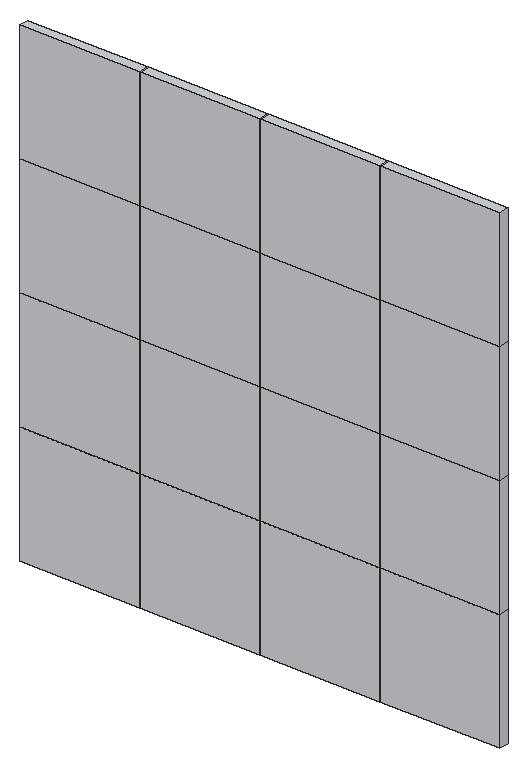
Revit family "Baffle array 2D", category Generic Models, Revit 2023
Family settings
  Can host rebar = No
  Round Connector Dimension = Use Diameter
  Part Type = Normal
  Work Plane-Based = Yes
  Always vertical = Yes
  Cut with Voids When Loaded = No
  Maintain Annotation Orientation = No
  Shared = Yes
  Room Calculation Point = No
Parameters (values of type "Typical")
  Calc_Show single Y [instance] = calc_Count X < 2  # no
  calc_Show excess Y [instance] = calc_Baffle excess Y > 0 mm  # no
  calc_Show array Y [instance] = calc_Count X > 1  # yes
  calc_Safe count Y [instance] = if(calc_Count X > 1, calc_Count X, 2)  # 4
  Default Elevation = 1219.2 mm
  calc_Count Y [instance] = rounddown(BG_DIM_Height1 / Baffle height)  # 4
  calc_Count X [instance] = rounddown(BG_DIM_Width1 / Baffle width)  # 4
  Baffle width [instance] = 600 mm
  Baffle height [instance] = 600 mm
  calc_Baffle excess Y [instance] = BG_DIM_Height1 - (calc_Count Y * Baffle height)  # 0 mm
  calc_Baffle excess X [instance] = BG_DIM_Width1 - (calc_Count X * Baffle width)  # 0 mm
  Baffle depth [instance] = 50 mm
  BG_MAT_Material1 [instance] = none
  BG_DIM_Width1 [instance] = 2400 mm
  BG_DIM_Height1 [instance] = 2400 mm
  BG_DAT_System1 [instance] = ""
Reference planes
  plane 1 "Center (Front/Back)": y = 0
  plane 2 "Bottom": z = 0
  plane 3 "Left": x = 0
  plane 4: x = 2400
  plane 5: z = 600
  plane 6 "Top": z = 2400
  plane 7: z = 2400
Dimensions and locks
  "Baffle height": plane 5 to level
  equal spacing: group 1, group 2, group 3, group 4  (x3)
  "BG_DIM_Width1": plane 3 "Left" to plane 4
  "calc_Baffle excess Y": plane 6 "Top" to plane 7
  "BG_DIM_Height1": plane 6 "Top" to level
  aligned and locked: level to plane 2 "Bottom"
  aligned and locked: plane 3 "Left" to nested 13
  aligned and locked: plane 3 "Left" to nested 1
  aligned and locked: plane 3 "Left" to nested 5
  aligned and locked: plane 1 "Center (Front/Back)" to nested 1
  aligned and locked: plane 1 "Center (Front/Back)" to nested 5
  aligned and locked: plane 5 to nested 5
  aligned and locked: plane 1 "Center (Front/Back)" to nested 13
  aligned and locked: plane 1 "Center (Front/Back)" to nested 26
  aligned and locked: plane 3 "Left" to nested 26
Nested families
  nested 1: "Baffle array 1D" at (0, 0, 0), BG_MAT_Material1 <- "BG_MAT_Material1", Baffle depth <- "Baffle depth", Baffle height <- "Baffle height", visible <- "calc_Show array Y", Baffle width <- "Baffle width", Baffle excess <- "calc_Baffle excess X", Count <- "calc_Count X", BG_DAT_System1 <- "BG_DAT_System1", type "Typical"
    with calc_Width 2400 mm, calc_Safe width 2 mm, calc_Safe height 600 mm, Show single no, Show excess no, Show array yes, Safe count 4, Count 4, Baffle width 600 mm, Baffle height 600 mm, Baffle excess 0 mm, Baffle depth 50 mm, BG_MAT_Material1 none, BG_DAT_System1 ""
  nested 2: "Nested shared baffle" at (1800, 0, 0), type "Typical"
    with BG_MAT_Material1 none, BG_DIM_Width1 600 mm, BG_DIM_Height1 600 mm, BG_DIM_Depth1 50 mm, BG_DAT_System1 ""
  nested 3: "Nested shared baffle" at (600, 0, 0), type "Typical"
    with BG_MAT_Material1 none, BG_DIM_Width1 600 mm, BG_DIM_Height1 600 mm, BG_DIM_Depth1 50 mm, BG_DAT_System1 ""
  nested 4: "Nested shared baffle" at (0, 0, 0), type "Typical"
    with BG_MAT_Material1 none, BG_DIM_Width1 600 mm, BG_DIM_Height1 600 mm, BG_DIM_Depth1 50 mm, BG_DAT_System1 ""
  nested 5: "Baffle array 1D" at (0, 0, 600), BG_MAT_Material1 <- "BG_MAT_Material1", Baffle depth <- "Baffle depth", Baffle height <- "Baffle height", visible <- "calc_Show array Y", Baffle width <- "Baffle width", Baffle excess <- "calc_Baffle excess X", Count <- "calc_Count X", BG_DAT_System1 <- "BG_DAT_System1", type "Typical"
    with calc_Width 2400 mm, calc_Safe width 2 mm, calc_Safe height 600 mm, Show single no, Show excess no, Show array yes, Safe count 4, Count 4, Baffle width 600 mm, Baffle height 600 mm, Baffle excess 0 mm, Baffle depth 50 mm, BG_MAT_Material1 none, BG_DAT_System1 ""
  nested 6: "Nested shared baffle" at (1800, 0, 600), type "Typical"
    with BG_MAT_Material1 none, BG_DIM_Width1 600 mm, BG_DIM_Height1 600 mm, BG_DIM_Depth1 50 mm, BG_DAT_System1 ""
  nested 7: "Nested shared baffle" at (600, 0, 600), type "Typical"
    with BG_MAT_Material1 none, BG_DIM_Width1 600 mm, BG_DIM_Height1 600 mm, BG_DIM_Depth1 50 mm, BG_DAT_System1 ""
  nested 8: "Nested shared baffle" at (0, 0, 600), type "Typical"
    with BG_MAT_Material1 none, BG_DIM_Width1 600 mm, BG_DIM_Height1 600 mm, BG_DIM_Depth1 50 mm, BG_DAT_System1 ""
  nested 9: "Baffle array 1D" at (0, 0, 1200), BG_MAT_Material1 <- "BG_MAT_Material1", Baffle depth <- "Baffle depth", Baffle height <- "Baffle height", visible <- "calc_Show array Y", Baffle width <- "Baffle width", Baffle excess <- "calc_Baffle excess X", Count <- "calc_Count X", BG_DAT_System1 <- "BG_DAT_System1", type "Typical"
    with calc_Width 2400 mm, calc_Safe width 2 mm, calc_Safe height 600 mm, Show single no, Show excess no, Show array yes, Safe count 4, Count 4, Baffle width 600 mm, Baffle height 600 mm, Baffle excess 0 mm, Baffle depth 50 mm, BG_MAT_Material1 none, BG_DAT_System1 ""
  nested 10: "Nested shared baffle" at (1800, 0, 1200), type "Typical"
    with BG_MAT_Material1 none, BG_DIM_Width1 600 mm, BG_DIM_Height1 600 mm, BG_DIM_Depth1 50 mm, BG_DAT_System1 ""
  nested 11: "Nested shared baffle" at (600, 0, 1200), type "Typical"
    with BG_MAT_Material1 none, BG_DIM_Width1 600 mm, BG_DIM_Height1 600 mm, BG_DIM_Depth1 50 mm, BG_DAT_System1 ""
  nested 12: "Nested shared baffle" at (0, 0, 1200), type "Typical"
    with BG_MAT_Material1 none, BG_DIM_Width1 600 mm, BG_DIM_Height1 600 mm, BG_DIM_Depth1 50 mm, BG_DAT_System1 ""
  nested 13: "Baffle array 1D" at (0, 0, 0), BG_MAT_Material1 <- "BG_MAT_Material1", Baffle depth <- "Baffle depth", Baffle height <- "Baffle height", visible <- "Calc_Show single Y", Baffle width <- "Baffle width", Baffle excess <- "calc_Baffle excess X", Count <- "calc_Count X", BG_DAT_System1 <- "BG_DAT_System1", type "Typical"
    with calc_Width 2400 mm, calc_Safe width 2 mm, calc_Safe height 600 mm, Show single no, Show excess no, Show array yes, Safe count 4, Count 4, Baffle width 600 mm, Baffle height 600 mm, Baffle excess 0 mm, Baffle depth 50 mm, BG_MAT_Material1 none, BG_DAT_System1 ""
  nested 14: "Nested shared baffle" at (1800, 0, 0), type "Typical"
    with BG_MAT_Material1 none, BG_DIM_Width1 600 mm, BG_DIM_Height1 600 mm, BG_DIM_Depth1 50 mm, BG_DAT_System1 ""
  nested 15: "Nested shared baffle" at (600, 0, 0), type "Typical"
    with BG_MAT_Material1 none, BG_DIM_Width1 600 mm, BG_DIM_Height1 600 mm, BG_DIM_Depth1 50 mm, BG_DAT_System1 ""
  nested 16: "Nested shared baffle" at (0, 0, 0), type "Typical"
    with BG_MAT_Material1 none, BG_DIM_Width1 600 mm, BG_DIM_Height1 600 mm, BG_DIM_Depth1 50 mm, BG_DAT_System1 ""
  nested 17: "Baffle array 1D" at (0, 0, 1800), BG_MAT_Material1 <- "BG_MAT_Material1", Baffle depth <- "Baffle depth", Baffle height <- "Baffle height", visible <- "calc_Show array Y", Baffle width <- "Baffle width", Baffle excess <- "calc_Baffle excess X", Count <- "calc_Count X", BG_DAT_System1 <- "BG_DAT_System1", type "Typical"
    with calc_Width 2400 mm, calc_Safe width 2 mm, calc_Safe height 600 mm, Show single no, Show excess no, Show array yes, Safe count 4, Count 4, Baffle width 600 mm, Baffle height 600 mm, Baffle excess 0 mm, Baffle depth 50 mm, BG_MAT_Material1 none, BG_DAT_System1 ""
  nested 18: "Nested shared baffle" at (1800, 0, 1800), type "Typical"
    with BG_MAT_Material1 none, BG_DIM_Width1 600 mm, BG_DIM_Height1 600 mm, BG_DIM_Depth1 50 mm, BG_DAT_System1 ""
  nested 19: "Nested shared baffle" at (600, 0, 1800), type "Typical"
    with BG_MAT_Material1 none, BG_DIM_Width1 600 mm, BG_DIM_Height1 600 mm, BG_DIM_Depth1 50 mm, BG_DAT_System1 ""
  nested 20: "Nested shared baffle" at (0, 0, 1800), type "Typical"
    with BG_MAT_Material1 none, BG_DIM_Width1 600 mm, BG_DIM_Height1 600 mm, BG_DIM_Depth1 50 mm, BG_DAT_System1 ""
  nested 21: "Nested shared baffle" at (1200, 0, 1800), type "Typical"
    with BG_MAT_Material1 none, BG_DIM_Width1 600 mm, BG_DIM_Height1 600 mm, BG_DIM_Depth1 50 mm, BG_DAT_System1 ""
  nested 22: "Nested shared baffle" at (1200, 0, 0), type "Typical"
    with BG_MAT_Material1 none, BG_DIM_Width1 600 mm, BG_DIM_Height1 600 mm, BG_DIM_Depth1 50 mm, BG_DAT_System1 ""
  nested 23: "Nested shared baffle" at (1200, 0, 600), type "Typical"
    with BG_MAT_Material1 none, BG_DIM_Width1 600 mm, BG_DIM_Height1 600 mm, BG_DIM_Depth1 50 mm, BG_DAT_System1 ""
  nested 24: "Nested shared baffle" at (1200, 0, 1200), type "Typical"
    with BG_MAT_Material1 none, BG_DIM_Width1 600 mm, BG_DIM_Height1 600 mm, BG_DIM_Depth1 50 mm, BG_DAT_System1 ""
  nested 25: "Nested shared baffle" at (1200, 0, 0), type "Typical"
    with BG_MAT_Material1 none, BG_DIM_Width1 600 mm, BG_DIM_Height1 600 mm, BG_DIM_Depth1 50 mm, BG_DAT_System1 ""
  nested 26: "Baffle array 1D" at (0, 0, 2400), BG_MAT_Material1 <- "BG_MAT_Material1", Baffle depth <- "Baffle depth", Baffle height <- "calc_Baffle excess Y", visible <- "calc_Show excess Y", Baffle width <- "Baffle width", Baffle excess <- "calc_Baffle excess X", Count <- "calc_Count X", BG_DAT_System1 <- "BG_DAT_System1", type "Typical"
    with calc_Width 2400 mm, calc_Safe width 2 mm, calc_Safe height 2 mm, Show single no, Show excess no, Show array no, Safe count 4, Count 4, Baffle width 600 mm, Baffle height 0 mm, Baffle excess 0 mm, Baffle depth 50 mm, BG_MAT_Material1 none, BG_DAT_System1 ""
Definition of nested family "Nested shared baffle"
  Parameters (values of type "Typical")
    Default Elevation = 1219.2 mm
    BG_MAT_Material1 [instance] = none
    BG_DIM_Width1 [instance] = 500 mm
    BG_DIM_Height1 [instance] = 500 mm
    BG_DIM_Depth1 [instance] = 50 mm
    BG_DAT_System1 [instance] = ""
  Reference planes
    plane 1 "Center (Front/Back)": y = 0
    plane 2 "Bottom": z = 0
    plane 3 "Left": x = 0
    plane 4 "Top": z = 500
    plane 5 "Right": x = 500
  Forms (mm)
    Extrusion 1, solid, material <- "BG_MAT_Material1"
      sketch origin (0, 0, 0) x (1, 0, 0) y (0, 0, 1)
        loop
          line (0, 500) -> (0, 0) -> (500, 0) -> (500, 500) -> (0, 500)
      from 0 to 50 <- "BG_DIM_Depth1"
  Dimensions and locks
    "BG_DIM_Height1": plane 4 "Top" to level
    "BG_DIM_Width1": plane 5 "Right" to plane 3 "Left"
    aligned and locked: level to plane 2 "Bottom"
    aligned and locked: Extrusion 1 sketch curve to plane 4 "Top"
    aligned and locked: plane 3 "Left" to Extrusion 1 sketch curve
    aligned and locked: plane 2 "Bottom" to Extrusion 1 sketch curve
    aligned and locked: Extrusion 1 sketch curve to plane 5 "Right"
Definition of nested family "Baffle array 1D"
  Parameters (values of type "Typical")
    calc_Width [instance] = Count * Baffle width  # 1800 mm
    calc_Safe width [instance] = if(Baffle excess < 2 mm, 2 mm, Baffle excess)  # 300 mm
    calc_Safe height [instance] = if(Baffle height < 2 mm, 2 mm, Baffle height)  # 600 mm
    Show single [instance] = and(Count < 2, Baffle height > 2 mm)  # no
    Show excess [instance] = and(Baffle excess > 2 mm, Baffle height > 2 mm)  # yes
    Show array [instance] = and(Count > 1, Baffle height > 2 mm)  # yes
    Safe count [instance] = if(Count > 1, Count, 2)  # 3
    Default Elevation = 1219.2 mm
    Count [instance] = 3
    Baffle width [instance] = 600 mm
    Baffle height [instance] = 600 mm
    Baffle excess [instance] = 300 mm
    Baffle depth [instance] = 50 mm
    BG_MAT_Material1 [instance] = none
    BG_DAT_System1 [instance] = ""
  Reference planes
    plane 1 "Center (Front/Back)": y = 0
    plane 2 "Bottom": z = 0
    plane 3 "Left": x = 0
    plane 4: x = 600
    plane 5: x = 1200
    plane 6: x = 1800
  Dimensions and locks
    "Baffle width": plane 3 "Left" to plane 4
    "Baffle width": plane 4 to plane 5
    equal spacing: group 1, group 2, group 3  (x3)
    "calc_Width": plane 3 "Left" to plane 6
    aligned and locked: level to plane 2 "Bottom"
    aligned and locked: plane 3 "Left" to nested 1
    aligned and locked: nested 2 to plane 4
    aligned and locked: plane 1 "Center (Front/Back)" to nested 1
    aligned and locked: plane 1 "Center (Front/Back)" to nested 2
    aligned and locked: plane 3 "Left" to nested 4
    aligned and locked: plane 1 "Center (Front/Back)" to nested 4
    aligned and locked: nested 5 to plane 6
    aligned and locked: plane 1 "Center (Front/Back)" to nested 5
  Nested families
    nested 1: "Nested shared baffle" at (0, 0, 0), BG_DIM_Depth1 <- "Baffle depth", BG_DIM_Height1 <- "calc_Safe height", BG_MAT_Material1 <- "BG_MAT_Material1", visible <- "Show array", BG_DIM_Width1 <- "Baffle width", BG_DAT_System1 <- "BG_DAT_System1", type "Typical"
      with BG_MAT_Material1 none, BG_DIM_Width1 600 mm, BG_DIM_Height1 600 mm, BG_DIM_Depth1 50 mm, BG_DAT_System1 ""
    nested 2: "Nested shared baffle" at (600, 0, 0), BG_DIM_Depth1 <- "Baffle depth", BG_DIM_Height1 <- "calc_Safe height", BG_MAT_Material1 <- "BG_MAT_Material1", visible <- "Show array", BG_DIM_Width1 <- "Baffle width", BG_DAT_System1 <- "BG_DAT_System1", type "Typical"
      with BG_MAT_Material1 none, BG_DIM_Width1 600 mm, BG_DIM_Height1 600 mm, BG_DIM_Depth1 50 mm, BG_DAT_System1 ""
    nested 3: "Nested shared baffle" at (1200, 0, 0), BG_DIM_Depth1 <- "Baffle depth", BG_DIM_Height1 <- "calc_Safe height", BG_MAT_Material1 <- "BG_MAT_Material1", visible <- "Show array", BG_DIM_Width1 <- "Baffle width", BG_DAT_System1 <- "BG_DAT_System1", type "Typical"
      with BG_MAT_Material1 none, BG_DIM_Width1 600 mm, BG_DIM_Height1 600 mm, BG_DIM_Depth1 50 mm, BG_DAT_System1 ""
    nested 4: "Nested shared baffle" at (0, 0, 0), BG_DIM_Depth1 <- "Baffle depth", BG_DIM_Height1 <- "calc_Safe height", BG_MAT_Material1 <- "BG_MAT_Material1", visible <- "Show single", BG_DIM_Width1 <- "Baffle width", BG_DAT_System1 <- "BG_DAT_System1", type "Typical"
      with BG_MAT_Material1 none, BG_DIM_Width1 600 mm, BG_DIM_Height1 600 mm, BG_DIM_Depth1 50 mm, BG_DAT_System1 ""
    nested 5: "Nested shared baffle" at (1800, 0, 0), BG_DIM_Depth1 <- "Baffle depth", BG_DIM_Height1 <- "calc_Safe height", BG_MAT_Material1 <- "BG_MAT_Material1", visible <- "Show excess", BG_DIM_Width1 <- "calc_Safe width", BG_DAT_System1 <- "BG_DAT_System1", type "Typical"
      with BG_MAT_Material1 none, BG_DIM_Width1 300 mm, BG_DIM_Height1 600 mm, BG_DIM_Depth1 50 mm, BG_DAT_System1 ""
  Definition of nested family "Nested shared baffle"
    Parameters (values of type "Typical")
      Default Elevation = 1219.2 mm
      BG_MAT_Material1 [instance] = none
      BG_DIM_Width1 [instance] = 500 mm
      BG_DIM_Height1 [instance] = 500 mm
      BG_DIM_Depth1 [instance] = 50 mm
      BG_DAT_System1 [instance] = ""
    Reference planes
      plane 1 "Center (Front/Back)": y = 0
      plane 2 "Bottom": z = 0
      plane 3 "Left": x = 0
      plane 4 "Top": z = 500
      plane 5 "Right": x = 500
    Forms (mm)
      Extrusion 1, solid, material <- "BG_MAT_Material1"
        sketch origin (0, 0, 0) x (1, 0, 0) y (0, 0, 1)
          loop
            line (0, 500) -> (0, 0) -> (500, 0) -> (500, 500) -> (0, 500)
        from 0 to 50 <- "BG_DIM_Depth1"
    Dimensions and locks
      "BG_DIM_Height1": plane 4 "Top" to level
      "BG_DIM_Width1": plane 5 "Right" to plane 3 "Left"
      aligned and locked: level to plane 2 "Bottom"
      aligned and locked: Extrusion 1 sketch curve to plane 4 "Top"
      aligned and locked: plane 3 "Left" to Extrusion 1 sketch curve
      aligned and locked: plane 2 "Bottom" to Extrusion 1 sketch curve
      aligned and locked: Extrusion 1 sketch curve to plane 5 "Right"
